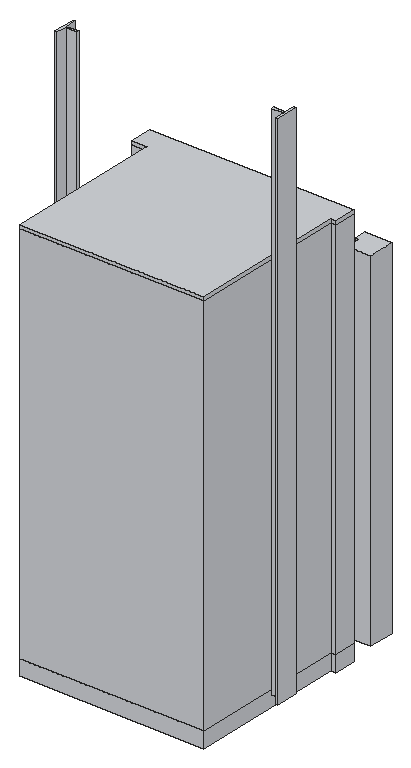
Revit family
Parameters (values of type "1000 x 880mm")
  Manufacturer = "Revit"
  Door Material = none
  Assembly Code = ""
Types (2, lengths in mm): name | Manufacturer
  Type 1 | ""
  1000 x 880mm | "Revit"
Reference planes
  plane 1: y = 0
  plane 2 "Center (Left/Right)": x = 125
  plane 3 "Back": y = 75
  plane 4: x = -505.007
  plane 5: x = 750
  plane 6: x = 600
Forms (mm)
  Extrusion 1, solid
    sketch origin (0, 0, 0) x (1, 0, 0) y (0, 1, 0)
      loop
        line (-505.007, 75) -> (-505.007, 14.479) -> (-114.979, 14.479) -> (-114.979, 75) -> (-505.007, 75)
      loop
        line (600, 75) -> (600, 5) -> (621.17, 5) -> (621.17, -75) -> (750, -75) -> (750, 75) -> (600, 75)
    from 0 to 2000
Lines and regions (mm)
  Opening 1
    outline origin (-5000, -75, 0) x (1, 0, 0) y (0, 0, 1)
      loop
        line (5750, 0) -> (5750, 2000) -> (4494.993, 2000) -> (4494.993, 0) -> (5750, 0)
  symbolic lines, detail levels medium+fine
    curve 1: line (-114.979, 75, 0) -> (600, 75, 0)
    curve 2: line (750, 75, 0) -> (600, 75, 0)
    curve 3: line (600, 5, 0) -> (621.17, 5, 0)
    curve 4: line (621.17, 5, 0) -> (621.17, -75, 0)
    curve 5: line (621.17, -75, 0) -> (750, -75, 0)
    curve 6: line (-505.007, 75, 0) -> (-114.979, 75, 0)
    curve 7: line (-114.979, 14.479, 0) -> (-135.755, 14.479, 0)
    curve 8: line (-135.755, 14.479, 0) -> (-135.755, 29.982, 0)
    curve 9: line (-135.755, 29.982, 0) -> (-505.007, 29.982, 0)
    curve 10: line (-114.979, 14.479, 0) -> (-114.979, 75, 0)
    curve 11: line (600, 5, 0) -> (600, 75, 0)
  symbolic lines, detail levels coarse
    curve 12: line (-505.007, 75, 0) -> (750, 75, 0)
Text (mm)
  text "Placement side" at (-1864.261, 916.262, 0), in view "Ref. Level"
  text "Placement side" at (0, 1605.175, 2923.955), in view "Left"
  text "Placement side" at (0, 595.982, 3004.978), in view "Right"
Dimensions and locks
  locked: plane 3 "Back" to host wall at 0
  locked: nested 1 to curve 3 at 80
  locked: curve 7 to nested 1 at 89.479
  aligned and locked: plane 1 to host wall
  aligned and locked: Extrusion 1 to host wall
  aligned and locked: plane 3 "Back" to curve 1
  aligned and locked: Extrusion 1 to plane 3 "Back"  (x2)
  aligned: curve 12 to host wall
  aligned: curve 12 to Extrusion 1
Nested families
  nested 1: "Electric Lift-4 person_new" at (125, -687.502, 0) x (-1, 0, 0) z (0, 0, 1), type "1000 x 880mm"
Definition of nested family "Electric Lift-4 person_new"
  Parameters (values of type "1000 x 880mm")
    Panel Width = 386 mm
    Level Height = 3000 mm
    Door Material = none
  Reference planes
    plane 1 "Center (Front/Back)": y = 0
    plane 2: z = 0
    plane 3 "Center (Left/Right)": x = 0
    plane 4: z = 3000
    plane 5: y = -762.502
  Forms (mm)
    Extrusion 1, solid
      sketch origin (0, 0, 0) x (1, 0, 0) y (0, 1, 0)
        loop
          line (-525, 452.498) -> (-525, -452.502) -> (-556, -452.502) -> (-556, -582.502) -> (611.5, -582.502) -> (611.5, -452.502) -> (525, -452.502) -> (525, 452.498) -> (-525, 452.498)
        loop
          line (-500, 427.498) -> (-500, 115) -> (-485.245, 115) -> (-485.245, -115) -> (-500, -115) -> (-500, -452.502) -> (-475, -452.502) -> (-475, -494.818) -> (-496.17, -494.818) -> (-496.17, -578.543) -> (583.123, -578.543) -> (583.123, -490.502) -> (235.3, -490.502) -> (235.3, -452.502) -> (500, -452.502) -> (500, 427.498) -> (-500, 427.498)
      from 0 to 2200
    Extrusion 2, solid, detail levels medium+fine
      sketch origin (0, 0, 0) x (1, 0, 0) y (0, 1, 0)
        loop
          line (-638.027, 63.5) -> (-638.027, -63.5) -> (-625.027, -63.5) -> (-622.113, -6.196) -> (-557.027, -6.196) -> (-557.027, 6.3) -> (-622.027, 6.3) -> (-625.027, 63.5) -> (-638.027, 63.5)
        loop
          line (625.027, 63.5) -> (622.027, 6.3) -> (557.027, 6.3) -> (557.027, -6.196) -> (622.113, -6.196) -> (625.027, -63.5) -> (638.027, -63.5) -> (638.027, 63.5) -> (625.027, 63.5)
      from 0 to 3000
    Extrusion 3, void
      sketch origin (-556, -582.502, 2200) x (0, 0, 1) y (1, 0, 0)
        loop
          line (-2286.189, 59.83) -> (-200, 59.83) -> (-200, 854.444) -> (-2286.189, 854.444) -> (-2286.189, 59.83)
      from 0 to 87.684
    Extrusion 4, solid
      sketch origin (0, 0, -90) x (1, 0, 0) y (0, 1, 0)
        loop
          line (-525, 452.498) -> (-525, -452.502) -> (-556, -452.502) -> (-556, -582.502) -> (611.5, -582.502) -> (611.5, -452.502) -> (525, -452.502) -> (525, 452.498) -> (-525, 452.498)
      from 0 to 90
    Extrusion 5, solid, material <- "Door Material"
      sketch origin (160, 0, 0) x (1, 0, 0) y (0, 1, 0)
        loop
          line (27.622, -496.512) -> (27.622, -538.112) -> (413.622, -538.112) -> (413.622, -496.512) -> (27.622, -496.512)
        loop
          line (-306.17, -543.502) -> (-306.17, -578.543) -> (79.83, -578.543) -> (79.83, -543.502) -> (-306.17, -543.502)
        loop
          line (67.622, -695.891) -> (453.622, -695.891) -> (453.622, -656.891) -> (67.622, -656.891) -> (67.622, -695.891)
        loop
          line (-296.17, -612.502) -> (-296.17, -651.502) -> (89.83, -651.502) -> (89.83, -612.502) -> (-296.17, -612.502)
      from 0 to 2000
    Extrusion 6, solid
      sketch origin (-525, 452.498, 2200) x (-1, 0, 0) y (0, -1, 0)
        loop
          line (0, 0) -> (0, 905) -> (31, 905) -> (31, 1035) -> (-1136.5, 1035) -> (-1136.5, 905) -> (-1050, 905) -> (-1050, 0) -> (0, 0)
      from 0 to 22
  Cuts and joins
    Extrusion 3 cuts Extrusion 1
    Extrusion 3 cuts Extrusion 2
  Lines and regions (mm)
    symbolic lines
      curve 1: line (370.2, 602.498, 0) -> (-399.8, 602.498, 0)
      curve 2: line (-399.8, 602.498, 0) -> (-399.8, 502.498, 0)
      curve 3: line (-399.8, 502.498, 0) -> (370.2, 502.498, 0)
      curve 4: line (370.2, 502.498, 0) -> (370.2, 602.498, 0)
    symbolic lines, detail levels fine
      curve 5: line (-468.299, 577.496, 0) -> (-468.299, 555.496, 0)
      curve 6: line (-468.299, 555.496, 0) -> (-424.799, 555.496, 0)
      curve 7: line (-424.799, 555.496, 0) -> (-424.799, 549.496, 0)
      curve 8: line (-424.799, 549.496, 0) -> (-468.299, 549.496, 0)
      curve 9: line (-468.299, 549.496, 0) -> (-468.299, 527.496, 0)
      curve 10: line (-468.299, 527.496, 0) -> (-474.299, 527.496, 0)
      curve 11: line (-474.299, 527.496, 0) -> (-474.299, 577.496, 0)
      curve 12: line (-474.299, 577.496, 0) -> (-468.299, 577.496, 0)
      curve 13: line (395.199, 549.496, 0) -> (438.699, 549.496, 0)
      curve 14: line (438.699, 549.496, 0) -> (438.699, 527.496, 0)
      curve 15: line (438.699, 527.496, 0) -> (444.699, 527.496, 0)
      curve 16: line (444.699, 527.496, 0) -> (444.699, 577.496, 0)
      curve 17: line (444.699, 577.496, 0) -> (438.699, 577.496, 0)
      curve 18: line (438.699, 577.496, 0) -> (438.699, 555.496, 0)
      curve 19: line (438.699, 555.496, 0) -> (395.199, 555.496, 0)
      curve 20: line (395.199, 555.496, 0) -> (395.199, 549.496, 0)
      curve 72: arc (31.514, 552.46, 0) -> (0.287, 583.687, 0) -> (-30.94, 552.46, 0) r 31.227
      curve 73: arc (-30.94, 552.46, 0) -> (0.287, 521.232, 0) -> (31.514, 552.46, 0) r 31.227
    symbolic lines, detail levels medium+fine
      curve 21: line (525, -452.502, 0) -> (525, 452.498, 0)
      curve 22: line (525, 452.498, 0) -> (-525, 452.498, 0)
      curve 23: line (-525, 452.498, 0) -> (-525, -452.502, 0)
      curve 24: line (500, -452.502, 0) -> (500, 427.498, 0)
      curve 25: line (500, 427.498, 0) -> (-500, 427.498, 0)
      curve 26: line (-500, 427.498, 0) -> (-500, 115, 0)
      curve 27: line (-485.245, 115, 0) -> (-525, 115, 0)
      curve 28: line (-525, -115, 0) -> (-485.245, -115, 0)
      curve 29: line (-485.245, -115, 0) -> (-485.245, 115, 0)
      curve 30: line (-500, -115, 0) -> (-500, -452.502, 0)
      curve 31: line (-496.17, -582.502, 0) -> (-496.17, -494.818, 0)
      curve 32: line (-496.17, -494.818, 0) -> (-475, -494.818, 0)
      curve 33: line (-475, -494.818, 0) -> (-475, -452.502, 0)
      curve 34: line (-475, -452.502, 0) -> (-556, -452.502, 0)
      curve 35: line (-556, -452.502, 0) -> (-556, -582.502, 0)
      curve 36: line (-496.17, -582.502, 0) -> (-110.17, -582.502, 0)
      curve 37: line (-110.17, -582.502, 0) -> (-110.17, -543.502, 0)
      curve 38: line (-110.17, -543.502, 0) -> (-496.17, -543.502, 0)
      curve 39: line (-132.378, -538.112, 0) -> (253.622, -538.112, 0)
      curve 40: line (253.622, -538.112, 0) -> (253.622, -496.512, 0)
      curve 41: line (253.622, -496.512, 0) -> (-132.378, -496.512, 0)
      curve 42: line (-132.378, -496.512, 0) -> (-132.378, -538.112, 0)
      curve 43: line (611.5, -582.502, 0) -> (-110.17, -582.502, 0)
      curve 44: line (298.444, -525.043, 0) -> (583.123, -525.043, 0)
      curve 45: line (583.123, -525.043, 0) -> (583.123, -493.043, 0)
      curve 46: line (583.123, -493.043, 0) -> (298.444, -493.043, 0)
      curve 47: line (298.444, -578.543, 0) -> (583.123, -578.543, 0)
      curve 48: line (583.123, -578.543, 0) -> (583.123, -537.543, 0)
      curve 49: line (583.123, -537.543, 0) -> (298.444, -537.543, 0)
      curve 51: line (630.007, -717.484, 0) -> (630.007, -612.502, 0)
      curve 52: line (630.007, -612.502, 0) -> (-110.17, -612.502, 0)
      curve 53: line (403.123, -625.543, 0) -> (625.123, -625.543, 0)
      curve 54: line (625.123, -625.543, 0) -> (625.123, -655.543, 0)
      curve 55: line (625.123, -655.543, 0) -> (403.123, -655.543, 0)
      curve 56: line (403.123, -671.043, 0) -> (625.123, -671.043, 0)
      curve 57: line (625.123, -671.043, 0) -> (625.123, -706.043, 0)
      curve 58: line (625.123, -706.043, 0) -> (403.123, -706.043, 0)
      curve 59: line (253.622, -695.891, 0) -> (-132.378, -695.891, 0)
      curve 60: line (-132.378, -695.891, 0) -> (-132.378, -656.891, 0)
      curve 61: line (-132.378, -656.891, 0) -> (253.622, -656.891, 0)
      curve 62: line (253.622, -656.891, 0) -> (253.622, -695.891, 0)
      curve 63: line (-496.17, -651.502, 0) -> (-110.17, -651.502, 0)
      curve 64: line (-110.17, -651.502, 0) -> (-110.17, -612.502, 0)
      curve 65: line (-110.17, -612.502, 0) -> (-496.17, -612.502, 0)
      curve 66: line (-496.17, -612.502, 0) -> (-496.17, -692.502, 0)
      curve 67: line (-496.17, -692.502, 0) -> (-496.17, -612.502, 0)
      curve 68: line (235.3, -452.502, 0) -> (611.5, -452.502, 0)
      curve 69: line (258.09, -490.502, 0) -> (235.3, -490.502, 0)
      curve 70: line (235.3, -490.502, 0) -> (235.3, -452.502, 0)
      curve 71: line (611.5, -452.502, 0) -> (611.5, -582.502, 0)
      curve 75: line (-556, -582.502, 0) -> (-496.17, -582.502, 0)
    symbolic lines, style "InvisibleLines", detail levels medium+fine
      curve 50: line (675, -717.484, 0) -> (630.007, -717.484, 0)
      curve 74: line (-525, 552.498, 0) -> (524.996, 552.498, 0)
      curve 76: line (675, 672.498, 0) -> (-675, 672.498, 0)
      curve 77: line (-675, 672.498, 0) -> (-675, -727.484, 0)
      curve 78: line (675, -717.484, 0) -> (675, 672.498, 0)
      curve 79: line (-675, -727.484, 0) -> (-625, -727.484, 0)
    symbolic lines, style "SpecialityEquipment", detail levels medium+fine
      curve 80: line (298.444, -525.043, 0) -> (298.444, -493.043, 0)
      curve 81: line (298.444, -537.543, 0) -> (298.444, -578.543, 0)
      curve 82: line (403.123, -625.543, 0) -> (403.123, -655.543, 0)
      curve 83: line (403.123, -671.043, 0) -> (403.123, -706.043, 0)
    symbolic lines, detail levels coarse
      curve 84: line (-525, 452.498, 0) -> (525, 452.498, 0)
      curve 85: line (525, 452.498, 0) -> (525, -582.502, 0)
      curve 86: line (525, -582.502, 0) -> (-525, -582.502, 0)
      curve 87: line (-525, 452.498, 0) -> (-525, -582.502, 0)
      curve 88: line (-525, -582.502, 0) -> (525, 452.498, 0)
      curve 89: line (-525, 452.498, 0) -> (525, -582.502, 0)
  Dimensions and locks
    locked: curve 23 to curve 26 at 25
    locked: curve 23 to curve 30 at 25
    locked: curve 24 to curve 21 at 25
    locked: curve 22 to curve 25 at 25
    locked: curve 27 to curve 28 at 230
    locked: curve 23 to curve 29 at 39.755
    locked: curve 26 to curve 24 at 1000
    equal spacing: curve 30, plane 3 "Center (Left/Right)", curve 24
    "Panel Width": curve 42 to curve 40
    locked: curve 41 to curve 39 at 41.6
    locked: curve 59 to curve 61 at 39
    locked: curve 38 to curve 36 at 39
    locked: curve 65 to curve 63 at 39
    locked: curve 35 to curve 33 at 81
    locked: curve 34 to curve 75 at 130
    locked: curve 32 to curve 34 at 42.316
    locked: curve 35 to curve 31 at 59.83
    "Panel Width": curve 60 to curve 62
    "Panel Width": curve 63 to curve 64
    "Panel Width": curve 38 to curve 37
    locked: curve 3 to curve 22 at 50
    locked: curve 3 to curve 1 at 100
    locked: curve 2 to curve 4 at 770
    cut or joined group of Extrusion 1, Extrusion 3 to cut or joined group of Extrusion 1, Extrusion 3 = 2000 mm
    "Level Height": plane 4 to level
    aligned and locked: Extrusion 2 sketch curve to nested 1  (x8)
    aligned and locked: cut or joined group of Extrusion 2, Extrusion 3 to plane 4
    aligned and locked: cut or joined group of Extrusion 2, Extrusion 3 to level
  Automatic sketch dimensions
    Extrusion 1 sketch curve to plane 3 "Center (Left/Right)" = 556 mm
    Extrusion 1 sketch curve to Extrusion 1 sketch curve = 31 mm
    Extrusion 1 sketch curve to Extrusion 1 sketch curve = 25 mm  (x3)
    Extrusion 1 sketch curve to Extrusion 1 sketch curve = 0 mm  (x2)
    Extrusion 1 sketch curve to Extrusion 1 sketch curve = 3.83 mm
    Extrusion 1 sketch curve to Extrusion 1 sketch curve = 14.755 mm
    Extrusion 1 sketch curve to Extrusion 1 sketch curve = 21.17 mm
    plane 3 "Center (Left/Right)" to Extrusion 1 sketch curve = 235.3 mm
    plane 3 "Center (Left/Right)" to Extrusion 1 sketch curve = 500 mm
    Extrusion 1 sketch curve to Extrusion 1 sketch curve = 58.123 mm
    Extrusion 1 sketch curve to Extrusion 1 sketch curve = 28.377 mm
    plane 1 "Center (Front/Back)" to Extrusion 1 sketch curve = 582.502 mm
    Extrusion 1 sketch curve to Extrusion 1 sketch curve = 3.959 mm
    Extrusion 1 sketch curve to Extrusion 1 sketch curve = 83.725 mm
    Extrusion 1 sketch curve to Extrusion 1 sketch curve = 88.041 mm
    Extrusion 1 sketch curve to Extrusion 1 sketch curve = 42.316 mm
    Extrusion 1 sketch curve to Extrusion 1 sketch curve = 38 mm  (x2)
    plane 1 "Center (Front/Back)" to Extrusion 1 sketch curve = 115 mm
    Extrusion 1 sketch curve to plane 1 "Center (Front/Back)" = 115 mm
    Extrusion 1 sketch curve to plane 1 "Center (Front/Back)" = 427.498 mm
    Extrusion 2 sketch curve to plane 1 "Center (Front/Back)" = 6.3 mm
    Extrusion 2 sketch curve to plane 3 "Center (Left/Right)" = 557.027 mm
    Extrusion 2 sketch curve to Extrusion 2 sketch curve = 65 mm
    plane 1 "Center (Front/Back)" to Extrusion 2 sketch curve = 6.196 mm
    Extrusion 2 sketch curve to Extrusion 2 sketch curve = 0.086 mm
    Extrusion 2 sketch curve to Extrusion 2 sketch curve = 3 mm
    Extrusion 2 sketch curve to Extrusion 2 sketch curve = 2.914 mm
    Extrusion 2 sketch curve to Extrusion 2 sketch curve = 13 mm
    Extrusion 2 sketch curve to Extrusion 2 sketch curve = 57.304 mm
    Extrusion 2 sketch curve to Extrusion 2 sketch curve = 57.2 mm
    Extrusion 3 sketch curve to level = 86.189 mm
    Extrusion 3 sketch curve to plane 3 "Center (Left/Right)" = 496.17 mm
    level to Extrusion 3 sketch curve = 2000 mm
    plane 3 "Center (Left/Right)" to Extrusion 3 sketch curve = 298.444 mm
    Extrusion 4 sketch curve to plane 3 "Center (Left/Right)" = 556 mm
    Extrusion 4 sketch curve to Extrusion 4 sketch curve = 31 mm
    plane 3 "Center (Left/Right)" to Extrusion 4 sketch curve = 525 mm
    Extrusion 4 sketch curve to Extrusion 4 sketch curve = 86.5 mm
    plane 1 "Center (Front/Back)" to Extrusion 4 sketch curve = 582.502 mm
    Extrusion 4 sketch curve to Extrusion 4 sketch curve = 130 mm  (x2)
    Extrusion 4 sketch curve to plane 1 "Center (Front/Back)" = 452.498 mm
    plane 3 "Center (Left/Right)" to Extrusion 6 sketch curve = 611.5 mm
    Extrusion 6 sketch curve to Extrusion 6 sketch curve = 86.5 mm
    Extrusion 6 sketch curve to plane 3 "Center (Left/Right)" = 525 mm
    Extrusion 6 sketch curve to Extrusion 6 sketch curve = 31 mm
    Extrusion 6 sketch curve to plane 1 "Center (Front/Back)" = 452.498 mm
    plane 1 "Center (Front/Back)" to Extrusion 6 sketch curve = 452.502 mm  (x2)
    Extrusion 6 sketch curve to Extrusion 6 sketch curve = 130 mm
    Extrusion 5 sketch curve to plane 3 "Center (Left/Right)" = 146.17 mm
    Extrusion 5 sketch curve to Extrusion 5 sketch curve = 10 mm
    plane 3 "Center (Left/Right)" to Extrusion 5 sketch curve = 187.622 mm
    Extrusion 5 sketch curve to Extrusion 5 sketch curve = 40 mm  (x2)
    Extrusion 5 sketch curve to Extrusion 5 sketch curve = 52.208 mm
    Extrusion 5 sketch curve to Extrusion 5 sketch curve = 22.208 mm
    Extrusion 5 sketch curve to Extrusion 5 sketch curve = 333.792 mm
    plane 1 "Center (Front/Back)" to Extrusion 5 sketch curve = 695.891 mm
    Extrusion 5 sketch curve to Extrusion 5 sketch curve = 39 mm  (x2)
    Extrusion 5 sketch curve to Extrusion 5 sketch curve = 5.389 mm
    Extrusion 5 sketch curve to Extrusion 5 sketch curve = 33.959 mm
    Extrusion 5 sketch curve to Extrusion 5 sketch curve = 35.041 mm
    Extrusion 5 sketch curve to Extrusion 5 sketch curve = 118.779 mm
    Extrusion 5 sketch curve to Extrusion 5 sketch curve = 41.6 mm
    curve 74 to curve 22 = 0 mm
    curve 35 to curve 23 = 31 mm
    curve 77 to curve 79 = 50 mm
    curve 74 to curve 10 = 50.701 mm
    curve 10 to curve 9 = 6 mm
    curve 6 to curve 8 = 0 mm
    curve 5 to curve 7 = 43.5 mm
    curve 7 to curve 2 = 24.999 mm
    curve 60 to curve 63 = 22.208 mm
    curve 42 to curve 37 = 22.208 mm
    curve 73 to plane 3 "Center (Left/Right)" = 30.94 mm
    plane 3 "Center (Left/Right)" to curve 72 = 0.287 mm
    curve 70 to curve 40 = 18.322 mm
    curve 40 to curve 69 = 4.468 mm
    curve 69 to curve 80 = 40.354 mm
    curve 81 to curve 44 = 0 mm
    curve 3 to curve 13 = 24.999 mm
    curve 82 to curve 56 = 0 mm
    curve 19 to curve 19 = 43.5 mm
    curve 15 to curve 18 = 0 mm
    curve 17 to curve 16 = 6 mm
    curve 16 to curve 74 = 80.297 mm
    curve 86 to curve 49 = 58.123 mm
    curve 44 to curve 48 = 0 mm
    curve 45 to curve 71 = 28.377 mm
    curve 43 to curve 57 = 13.623 mm
    curve 55 to curve 56 = 0 mm
    curve 50 to curve 50 = 44.993 mm
    curve 79 to plane 5 = 35.018 mm
    curve 78 to curve 51 = 0 mm
    curve 50 to curve 57 = 11.441 mm
    curve 67 to plane 5 = 70 mm
    curve 57 to curve 57 = 35 mm
    curve 56 to curve 54 = 15.5 mm
    curve 60 to curve 64 = 5.389 mm
    curve 53 to curve 51 = 13.041 mm
    curve 52 to curve 36 = 30 mm
    curve 86 to curve 85 = 0 mm
    curve 43 to curve 47 = 3.959 mm
    curve 37 to curve 39 = 5.389 mm
    curve 47 to curve 49 = 41 mm
    curve 49 to curve 80 = 12.5 mm
    curve 44 to curve 80 = 32 mm
    curve 40 to curve 70 = 6.011 mm
    curve 45 to curve 21 = 40.541 mm
    plane 1 "Center (Front/Back)" to curve 28 = 115 mm
    curve 26 to curve 25 = 312.498 mm
    curve 3 to curve 15 = 24.998 mm
    curve 2 to curve 9 = 24.998 mm
    curve 9 to curve 8 = 22 mm
    curve 14 to curve 13 = 22 mm
    curve 3 to curve 73 = 49.961 mm
    curve 10 to curve 74 = 25.002 mm
    curve 13 to curve 20 = 6 mm
    curve 7 to curve 7 = 6 mm
    curve 18 to curve 18 = 22 mm
    curve 5 to curve 11 = 22 mm
    curve 74 to curve 78 = 120 mm
    curve 53 to curve 51 = 4.884 mm
    curve 78 to plane 5 = 45.018 mm
    curve 79 to curve 66 = 128.83 mm
    curve 79 to curve 35 = 69 mm
    curve 59 to plane 5 = 66.611 mm
    curve 47 to curve 53 = 104.679 mm
  Nested families
    nested 1: "Vertical conn" at (638.027, 0, 0), type "Vertical conn", detail levels medium+fine
    nested 2: "Vertical conn" at (-638.027, 0, 0) x (-1, 0, 0) z (0, 0, 1), type "Vertical conn", detail levels medium+fine
  Definition of nested family "Vertical conn"
    Reference planes
      plane 1 "Center (Front/Back)": y = 0
      plane 2: z = 0
      plane 3 "Center (Left/Right)": x = 0
    Lines and regions (mm)
      detail lines, in view "Ref. Level"
        curve 1: line (-81, -6.196, 0) -> (-15.914, -6.196, 0)
        curve 2: line (-15.914, -6.196, 0) -> (-13, -63.5, 0)
        curve 3: line (-13, -63.5, 0) -> (0, -63.5, 0)
        curve 4: line (0, -63.5, 0) -> (0, 63.5, 0)
        curve 5: line (0, 63.5, 0) -> (-13, 63.5, 0)
        curve 6: line (-13, 63.5, 0) -> (-16, 6.3, 0)
        curve 7: line (-16, 6.3, 0) -> (-81, 6.3, 0)
        curve 8: line (-81, 6.3, 0) -> (-81, -6.196, 0)
